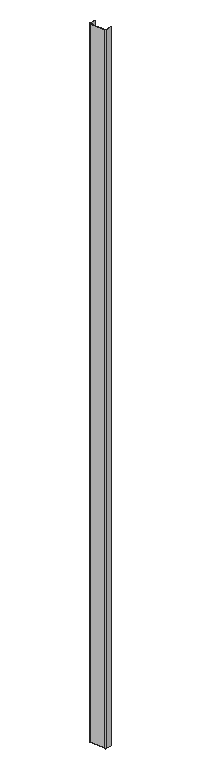
Revit family "M_Manômetro de luz-Montantes de guia-Coluna", category Pilares estruturais, Revit 2019
Family settings
  Forma do corte = Não definido
  Material para o comportamento do modelo = Aço
  Exportar sempre como geometria = Não
  Redução da viga na planta = Da caixa de vinculação
  Número OmniClass = 23.25.30.11.14.11
  Título OmniClass = Columns
  ID de item do Seek = Light Gauge-Channel Studs-Column-0000-CAN-ENU
  Corte com vazios quando carregada = Não
  Representação simbólica = Das configurações de projeto
  Compartilhado = Não
  Exibir o pré-corte da família na vista da planta = Sim
Parameters (values of type "C65")
  t = 1.2 mm
  W = 0
  Structural Material [instance] = Metal - Manômetro de luz
  Código de montagem = "B10"
  B = 65 mm
  D = 25 mm
  A = 0.00 mm²
Reference planes
  plane 1 "Centro (Frente/Trás)": y = 0
  plane 2: z = 0
  plane 3 "Centro (Esquerda/Direita)": x = 0
  plane 4 "Direita": x = 65
  plane 5: y = 25
  plane 6 "Inserção(esquerda/direita)": x = 32.5
Forms (mm)
  Extrusion 1, solid, material "Metal - Manômetro de luz" <- "Structural Material", detail levels medium
    sketch origin (36.512, -15.875, 0) x (0, 1, 0) y (-1, 0, 0)
      loop
        line (40.875, 36.513) -> (15.875, 36.513) -> (15.875, -28.487) -> (40.875, -28.487) -> (40.875, -27.287) -> (17.075, -27.287) -> (17.075, 35.313) -> (40.875, 35.313) -> (40.875, 36.513)
    from 0 to 2500
  Extrusion 2, solid, material "Metal - Manômetro de luz" <- "Structural Material", detail levels fine
    sketch origin (36.512, -15.875, 2195.2) x (0, 1, 0) y (-1, 0, 0)
      loop
        line (40.875, 36.513) -> (18.65, 36.513)
        arc (18.65, 36.513) -> (16.688, 35.7) -> (15.875, 33.738) r 2.775
        line (15.875, 33.738) -> (15.875, -25.712)
        arc (15.875, -25.712) -> (16.688, -27.675) -> (18.65, -28.487) r 2.775
        line (18.65, -28.487) -> (40.875, -28.488) -> (40.875, -27.288) -> (18.65, -27.287)
        arc (18.65, -27.287) -> (17.536, -26.826) -> (17.075, -25.712) r 1.575
        line (17.075, -25.712) -> (17.075, 33.738)
        arc (17.075, 33.738) -> (17.536, 34.851) -> (18.65, 35.313) r 1.575
        line (18.65, 35.313) -> (40.875, 35.313) -> (40.875, 36.513)
    from -2195.2 to 304.8
Lines and regions (mm)
  symbolic lines, style "Faces ocultas", detail levels medium+fine
    curve 1: line (1.2, -14.287, 2500) -> (1.2, -14.287, 0)
    curve 5: line (63.8, -14.288, 2500) -> (63.8, -14.288, 0)
    curve 6: line (0, 1.2, 2500) -> (0, 1.2, 0)
  symbolic lines, style "StructuralColumnStickSymbols", detail levels coarse
    curve 2: line (0, 25, 0) -> (0, 0, 0)
    curve 3: line (0, 0, 0) -> (65, 0, 0)
    curve 4: line (65, 25, 0) -> (65, 0, 0)
Dimensions and locks
  "t": Extrusion 1 sketch curve to Extrusion 1 sketch curve  (x3)
  "t": Extrusion 2 sketch curve to Extrusion 2 sketch curve  (x3)
  "D": plane 1 "Centro (Frente/Trás)" to plane 5
  locked: Extrusion 2 sketch curve to Extrusion 2 sketch curve at 1.575  (x4)
  "t": Extrusion 1 to curve 6
  "t": Extrusion 1 to curve 1
  "t": curve 5 to Extrusion 1
  equal spacing: plane 3 "Centro (Esquerda/Direita)", plane 6 "Inserção(esquerda/direita)", plane 4 "Direita"
  "B": plane 3 "Centro (Esquerda/Direita)" to plane 4 "Direita"
  aligned and locked: level to Extrusion 1  (x4)
  aligned and locked: level to plane 2
  aligned and locked: Extrusion 1 to plane 2
  aligned and locked: Extrusion 1 sketch curve to plane 4 "Direita"
  aligned and locked: Extrusion 1 sketch curve to plane 3 "Centro (Esquerda/Direita)"
  aligned and locked: plane 1 "Centro (Frente/Trás)" to Extrusion 1 sketch curve
  aligned and locked: Extrusion 1 sketch curve to plane 5
  aligned and locked: plane 5 to Extrusion 1 sketch curve  (x2)
  aligned and locked: Extrusion 1 sketch curve to Extrusion 1 sketch curve  (x3)
  aligned and locked: Extrusion 2 sketch curve to Extrusion 2 sketch curve  (x3)
  aligned and locked: plane 3 "Centro (Esquerda/Direita)" to Extrusion 2 sketch curve
  aligned and locked: plane 1 "Centro (Frente/Trás)" to Extrusion 2 sketch curve
  aligned and locked: curve 2 to Extrusion 1
  aligned and locked: curve 3 to Extrusion 1
  aligned and locked: curve 4 to Extrusion 1  (x2)
  aligned and locked: level to curve 1  (x2)
  aligned and locked: level to curve 5  (x2)
  aligned and locked: level to Extrusion 2  (x8)
  aligned and locked: Extrusion 2 to level  (x8)
  aligned and locked: Extrusion 1 to level  (x4)
  aligned and locked: Extrusion 2 to curve 6  (x2)
Automatic sketch dimensions
  curve 2 to plane 5 = 0 mm
  Extrusion 2 sketch curve to Extrusion 2 sketch curve = 0 mm  (x3)
  Extrusion 2 sketch curve to plane 4 "Direita" = 0 mm
  Extrusion 2 sketch curve to plane 5 = 0 mm  (x2)
Types in the file's own list only (4): name | t | B | D
  C82 | 1 mm | 82 mm | 30 mm
  C90 | 1 mm | 90 mm | 30 mm
  C100 | 1 mm | 100 mm | 30 mm
  C200 | 1 mm | 200 mm | 30 mm
